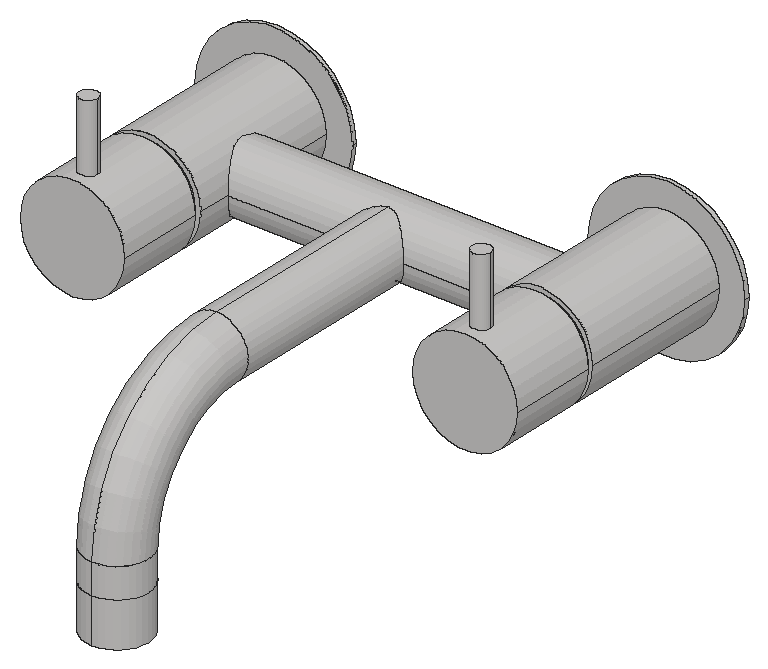
Revit family "1611", category Generic Models, Revit 2021
Family settings
  Can host rebar = No
  Round Connector Dimension = Use Diameter
  Part Type = Normal
  Work Plane-Based = No
  Always vertical = Yes
  Cut with Voids When Loaded = No
  Shared = No
  Room Calculation Point = No
Parameters (values of type "Standard")
  e-mail = "info@vola.com"
  URL = "http://vola.com"
  Telephone = "+45 7023 5500"
  Quality management standard = "ISO 9001"
  Organisation no. / DUNS no. = "17531328"
  Occupational health and safety management standard = "ISO 18001"
  Mounting Instructions = "http://vola.com/service/producturl.ashx?name=1611"
  Model = "1611"
  Materials and components information = "http://vola.com/service/producturl.ashx?name=1611"
  Manufacturer = "VOLA A/S"
  Maintenance Instructions = "http://vola.com/service/producturl.ashx?name=1611"
  Guarantee = "2 years"
  Flow = "30,00 l/min"
  Environmental management standard = "ISO 14000"
  Default Elevation = 0.0000 mm
  Connection - All relevant connections = "½\" for water connection"
  Approvals = "http://vola.com/service/producturl.ashx?name=1611"
Reference planes
  plane 1 "Center (Front/Back)": y = 0
  plane 2: z = 0
  plane 3 "Center (Left/Right)": x = 0
Forms (mm)
  Extrusion 1, solid, material "Stainless Steel"
    sketch origin (75, 0, 0) x (1, 0, 0) y (0, 0, 1)
      loop
        circle (0, 0) r 30
    from 0 to 1.5
  Extrusion 2, solid, material "Stainless Steel"
    sketch origin (75, -1.5, 0) x (1, 0, 0) y (0, 0, 1)
      loop
        circle (0, 0) r 20
    from 0 to 60
  Extrusion 3, solid, material "Stainless Steel"
    sketch origin (75, -55.5, 0) x (0, -1, 0) y (1, 0, 0)
      loop
        circle (34.5, 0) r 3.5
    from 19 to 45.5
  Extrusion 4, solid, material "Stainless Steel"
    sketch origin (75, -61.5, 0) x (1, 0, 0) y (0, 0, 1)
      loop
        circle (0, 0) r 17.9
    from 0 to 2.5
  Extrusion 5, solid, material "Stainless Steel"
    sketch origin (75, -64, 0) x (1, 0, 0) y (0, 0, 1)
      loop
        circle (0, 0) r 20
    from 0 to 33.5
  Extrusion 6, solid, material "Stainless Steel"
    sketch origin (-75, 0, 0) x (-1, 0, 0) y (0, 0, -1)
      loop
        circle (0, 0) r 30
    from 0 to 1.5
  Extrusion 7, solid, material "Stainless Steel"
    sketch origin (-75, -1.5, 0) x (-1, 0, 0) y (0, 0, -1)
      loop
        circle (0, 0) r 20
    from 0 to 60
  Extrusion 8, solid, material "Stainless Steel"
    sketch origin (-75, -55.5, 0) x (0, 1, 0) y (-1, 0, 0)
      loop
        circle (-34.5, 0) r 3.5
    from 19 to 45.5
  Extrusion 9, solid, material "Stainless Steel"
    sketch origin (-75, -61.5, 0) x (-1, 0, 0) y (0, 0, -1)
      loop
        circle (0, 0) r 17.9
    from 0 to 2.5
  Extrusion 10, solid, material "Stainless Steel"
    sketch origin (-75, -64, 0) x (-1, 0, 0) y (0, 0, -1)
      loop
        circle (0, 0) r 20
    from 0 to 33.5
  Extrusion 11, solid, material "Stainless Steel"
    sketch origin (0, 0, 0) x (0, 1, 0) y (0, 0, 1)
      loop
        circle (-35.5, 0) r 13
    from -80 to 80
  Sweep 12, solid, material "Stainless Steel"
    path origin (0, 35.5, 0) x (0, 1, 0) y (0, 0, 1)
      loop
        line (-70.725, 0) -> (-158, 0)
        arc (-158, 0) -> (-191.588, -13.912) -> (-205.5, -47.5) r 47.5
        line (-205.5, -47.5) -> (-205.5, -59)
    profile origin (0, -78.863, 0) x (0, 0, -1) y (1, 0, 0)
      loop
        circle (0, 0) r 12
  Extrusion 13, solid, material "Stainless Steel"
    sketch origin (0, -170, -59) x (0, -1, 0) y (-1, 0, 0)
      loop
        circle (0, 0) r 12
    from 0 to 17
Cuts and joins
  joined: Extrusion 3, Extrusion 5
  joined: Extrusion 8, Extrusion 10
  joined: Extrusion 2, Extrusion 7, Extrusion 11, Sweep 12
Dimensions and locks
  aligned and locked: plane 2 to level
